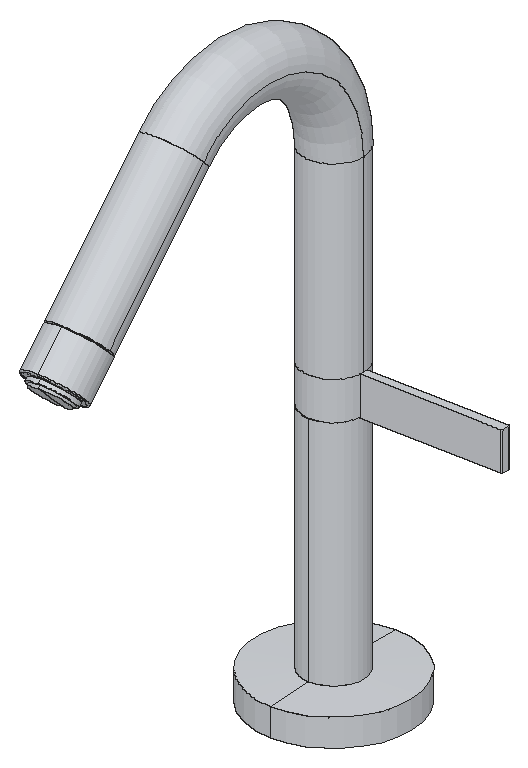
Revit family "Faucet-Lavatory-KOHLER-STILLNESS-979W_1", category Plumbing Fixtures, host Face, Revit 2017
Family settings
  Host = Face
  Round Connector Dimension = Use Diameter
  Part Type = Normal
  OmniClass Number = 23.31.11.00
  OmniClass Title = Faucets
  Cut with Voids When Loaded = No
  Shared = No
  Room Calculation Point = No
Parameters (values of type "CP-Polished Chrome")
  Width = 2.32283"  # constant formula
  WaterSense Certified = 1 = 0  # no
  Waste Water Outlet = "Waste Water Outlet"  # constant formula
  Waste Connection = 1 = 0  # no
  Vent Connection = 1 = 0  # no
  URL = "https://www.kohler.co.uk/"
  Type = 1
  Spout Reach = 5.19685"  # constant formula
  Product Page URL = "https://www.kohler.co.uk/taps/deck-mount/stillness-single-lever-monobloc-basin-mixer-no-waste/"
  Product Name = "979W-4-CP"  # constant formula
  Product Documentation Link = "https://www.kohler.co.uk/taps/deck-mount/stillness-single-lever-monobloc-basin-mixer-no-waste/"
  Pressure = 0.00 psi
  Model = "STILLNESS"  # constant formula
  Material = "Brass Construction"  # constant formula
  Master Format 2014 Name = "Residential Faucets, Supplies, and Trim"  # constant formula
  Master Format 2014 = "22 41 39"  # constant formula
  Manufacturer Address = "Cromwell Road, Cheltenham, Gloucestershire. GL52 5EP Registered in England No. 252115"  # constant formula
  Manufacturer = "KOHLER Co."  # constant formula
  Length = Spout Reach  # 5.19685"
  Hot Water Inlet = "Hot Water Inlet"  # constant formula
  Height = 9.56693"  # constant formula
  Handle Clearance = 2.55906"  # constant formula
  HW Connection = 1 = 1  # yes
  Flow Rate = 0 GPM
  Finish = Kohler-Metal-CP-Polished_Chrome
  Environmental Product Declaration = ""
  Drain Included = 1 = 0  # no
  Description = "Single-lever monobloc basin mixer, no waste"  # constant formula
  Default Elevation = 36"
  Declare Label = ""
  Date Modified = "08/07/2020"  # constant formula
  Date Created = "08/07/2020"  # constant formula
  Copyright = "Copyright KOHLER Co."  # constant formula
  Contact Us = "https://www.kohler.co.uk/support/contact/"
  Cold Water Inlet = "Cold Water Inlet"  # constant formula
  CW Connection = 1 = 1  # yes
  Assembly Code = "D2010"
  ADA Compliant = 1 = 0  # no
Reference planes (in)
  plane 1 "Center (Front/Back)": y = 0
  plane 2: z = 0
  plane 3 "Center (Left/Right)": x = 0
  plane 4: y = 1.16142
  plane 5: y = 0.45276
  plane 6: y = -0.45276
  plane 7: y = -1.16142
  plane 8: y = -5.19685
  plane 9: x = 0.45276
  plane 10: x = -1.16142
  plane 11: x = -0.45276
  plane 12: x = 2.55906
  plane 13: x = 1.16142
  plane 14: z = 6.37795
  plane 15: z = 9.56693
  plane 16: z = 3.93701
  plane 17: z = 4.51181
  plane 18: x = -0.62755
  plane 19: x = 0.62755
  plane 20: z = 0.43354
Dimensions and locks (in)
  "Width": plane 10 to plane 13
  "Handle Clearance": plane 3 "Center (Left/Right)" to plane 12
  "Spout Reach": plane 8 to plane 1 "Center (Front/Back)"
  "Height": plane 15 to level
  plane 14 to level = 6.37795"
  plane 16 to level = 3.93701"
  aligned and locked: plane 2 to host face
  aligned and locked: level to host face
Automatic sketch dimensions
  host sketch curve to host sketch curve = 96"  (x2)
Nested families (in)
  nested 1: "979W" at (0, 0, 0), type "979W"
Connectors (in)
  piping at (-0.62755, 0, 0), diameter 0.375, driven by "HW Connection", driven by "Hot Water Inlet"
    settings: on nested 1, index 1, connector inside diameter 24", connector length 0", flow factor 0, pipe flow 0 GPM, pressure drop 0.00 psi, fitting loss kfactor 0, connector angle 0.00°, fixture units 0, engagement length 0", angle of deflection 0.00°, flow configuration 0, flow direction 1, fitting loss method 0, system type 19, joint type 0, gender type 0, connector reference index -1, connector utility 1, adjustable connector no, is connector primary yes, connector description "Hot Water Inlet"
  piping at (0.62755, 0, 0), diameter 0.375, driven by "CW Connection", driven by "Cold Water Inlet"
    settings: on nested 1, index 2, connector inside diameter 24", connector length 0", flow factor 0, pipe flow 0 GPM, pressure drop 0.00 psi, fitting loss kfactor 0, connector angle 0.00°, fixture units 0, engagement length 0", angle of deflection 0.00°, flow configuration 0, flow direction 1, fitting loss method 0, system type 20, joint type 0, gender type 0, connector reference index -1, connector utility 1, adjustable connector no, is connector primary no, connector description "Cold Water Inlet"
Definition of nested family "979W"
  Parameters (values of type "K-979W")
    Material = none
  Reference planes (in)
    plane 1 "Center (Front/Back)": y = 0
    plane 2: z = 0
    plane 3 "Center (Left/Right)": x = 0
    plane 4: y = 1.16142
    plane 5: y = -1.16142
    plane 6: z = 3.93701
    plane 7: z = 6.37795
    plane 8: y = -5.19685
    plane 9: z = 9.56693
    plane 10: x = 2.55906
    plane 11: x = -1.16142
    plane 12: x = 1.16142
    plane 13: y = 0.45276
    plane 14: y = -0.45276
    plane 15: through (0, -3.0394, 8.5354) normal (0, -0.7071, 0.7071)
    plane 16: through (0, -3.35955, 8.85555) normal (0, -0.7071, 0.7071)
    plane 17: through (0, -2.71926, 8.21525) normal (0, -0.7071, 0.7071)
    plane 18: x = -0.45276
    plane 19: x = 0.45276
    plane 20: z = 9.11534
    plane 21: x = -0.62755
    plane 22: x = 0.62755
  Forms (in)
    Revolve 1, solid, material <- "Material", detail levels medium+fine
      sketch origin (0, 0, 0) x (0, 1, 0) y (0, 0, 1)
        loop
          line (0, 0) -> (1.16142, 0) -> (1.16142, 0.41327)
          arc (1.16142, 0.41327) -> (0.80715, 0.42563) -> (0.45276, 0.43354) r 28.21799
          line (0.45276, 0.43354) -> (0.45276, 3.93701) -> (0.25591, 3.93701) -> (0.25591, 4.51181) -> (0, 4.51181) -> (0, 0)
        axis (0, 4.51181) -> (0, 0)
      angle from 0 to 360
    Extrusion 2, solid, material <- "Material", detail levels medium+fine
      sketch origin (0, 0, 0) x (1, 0, 0) y (0, 1, 0)
        loop
          arc (0.44748, 0.0689) -> (-0.45276, 0) -> (0.44748, -0.0689) r 0.45276
          line (0.44748, -0.0689) -> (2.53937, -0.0689)
          arc (2.53937, -0.0689) -> (2.55329, -0.06313) -> (2.55906, -0.04921) r 0.01969
          line (2.55906, -0.04921) -> (2.55906, 0.04921)
          arc (2.55906, 0.04921) -> (2.55329, 0.06313) -> (2.53937, 0.0689) r 0.01969
          line (2.53937, 0.0689) -> (0.44748, 0.0689)
        loop
          circle (0, 0) r 0.25591
      from 3.93701 to 4.51181
    Revolve 3, solid, material <- "Material", detail levels medium+fine
      sketch origin (0, 0, 0) x (0, 1, 0) y (0, 0, 1)
        loop
          line (-5.48563, 6.70163) -> (-5.42473, 6.64072) -> (-5.46969, 6.59576) -> (-5.44486, 6.57093) -> (-5.46063, 6.52762) -> (-5.25391, 6.3209) -> (-4.66387, 6.91093) -> (-4.95104, 7.19811) -> (-5.01636, 7.13279) -> (-5.04934, 7.16576) -> (-5.48563, 6.72946)
          arc (-5.48563, 6.72946) -> (-5.4914, 6.71555) -> (-5.48563, 6.70163) r 0.01969
        axis (-4.66387, 6.91093) -> (-5.25391, 6.3209)
      angle from 0 to 360
    Sweep 4, solid, material <- "Material", detail levels medium+fine
      path origin (0, 0, 0) x (0, 1, 0) y (0, 0, 1)
        loop
          line (-4.71527, 6.85953) -> (-2.96799, 8.60681)
          arc (-2.96799, 8.60681) -> (-1.07327, 8.98369) -> (0, 7.37742) r 1.73861
          line (0, 7.37742) -> (0, 4.51181)
      profile origin (0, 0, 5.94462) x (1, 0, 0) y (0, 1, 0)
        loop
          circle (0, 0) r 0.45276
    Extrusion 5, solid, detail levels medium+fine
      sketch origin (0, 0, 0) x (1, 0, 0) y (0, 1, 0)
        loop
          circle (-0.62755, 0) r 0.25
        loop
          circle (0.62755, 0) r 0.25
      from 0 to 0.19922
    Revolve 6, solid, material <- "Material", detail levels coarse
      sketch origin (0, 0, 0) x (1, 0, 0) y (0, 0, 1)
        loop
          line (0, 0) -> (0, 0.43354) -> (-1.15776, 0.43354) -> (-1.15776, 0) -> (0, 0)
        axis (0, 0.43354) -> (0, 0)
      angle from 0 to 360
    Sweep 7, solid, material <- "Material", detail levels coarse
      path origin (0, 0, 0) x (0, 1, 0) y (0, 0, 1)
        loop
          line (0, 0.25) -> (0, 7.34993)
          arc (0, 7.34993) -> (-1.0803, 8.96672) -> (-2.98744, 8.58737) r 1.75
          line (-2.98744, 8.58737) -> (-5.25391, 6.3209)
      profile origin (0, 0, 3.79996) x (0, -1, 0) y (1, 0, 0)
        loop
          circle (0, 0) r 0.5
    Extrusion 8, solid, material <- "Material", detail levels coarse
      sketch origin (0, 0, 0) x (1, 0, 0) y (0, 0, 1)
        loop
          line (0.22214, 4.51181) -> (0.22214, 3.93701) -> (2.55906, 3.93701) -> (2.55906, 4.51181) -> (0.22214, 4.51181)
      from -0.0689 to 0.0689
  Cuts and joins
    joined: Revolve 1, Sweep 4
    joined: Revolve 6, Sweep 7
  Lines and regions (in)
    Masking region 1
      outline origin (0, 0, 0) x (1, 0, 0) y (0, 1, 0)
        loop
          arc (0, 1.16142) -> (-1.13821, 0.23099) -> (-0.45276, -1.06953) r 1.16142
          line (-0.45276, -1.06953) -> (-0.45276, -5.19685)
          arc (-0.45276, -5.19685) -> (0, -5.49223) -> (0.45276, -5.19685) r 0.49468
          line (0.45276, -5.19685) -> (0.45276, -1.06953)
          arc (0.45276, -1.06953) -> (0.94871, -0.66995) -> (1.15937, -0.0689) r 1.16142
          line (1.15937, -0.0689) -> (2.53937, -0.0689)
          arc (2.53937, -0.0689) -> (2.55329, -0.06313) -> (2.55906, -0.04921) r 0.01969
          line (2.55906, -0.04921) -> (2.55906, 0.04921)
          arc (2.55906, 0.04921) -> (2.55329, 0.06313) -> (2.53937, 0.0689) r 0.01969
          line (2.53937, 0.0689) -> (1.15937, 0.0689)
          arc (1.15937, 0.0689) -> (0.79651, 0.84525) -> (0, 1.16142) r 1.16142
    Masking region 2
      outline origin (0, 0, 0) x (1, 0, 0) y (0, 0, 1)
        loop
          line (2.53783, 4.51181) -> (0.45276, 4.51181) -> (0.45276, 9.11476)
          arc (0.45276, 9.11476) -> (0, 9.56751) -> (-0.45276, 9.11476) r 0.45276
          line (-0.45276, 9.11476) -> (-0.45276, 0.43038)
          arc (-0.45276, 0.43038) -> (-0.80713, 0.4235) -> (-1.16142, 0.41275) r 32.4573
          line (-1.16142, 0.41275) -> (-1.16142, 0) -> (1.16142, 0) -> (1.16142, 0.41275)
          arc (1.16142, 0.41275) -> (0.80713, 0.4235) -> (0.45276, 0.43038) r 32.4573
          line (0.45276, 0.43038) -> (0.45276, 3.93701) -> (2.53768, 3.93701)
          arc (2.53768, 3.93701) -> (2.5528, 3.94327) -> (2.55906, 3.95838) r 0.02137
          line (2.55906, 3.95838) -> (2.55906, 4.49058)
          arc (2.55906, 4.49058) -> (2.55284, 4.50559) -> (2.53783, 4.51181) r 0.02123
    Masking region 3
      outline origin (0, 0, 0) x (0, 1, 0) y (0, 0, 1)
        loop
          line (-3.28921, 8.92589) -> (-5.03542, 7.17968) -> (-4.98256, 7.12683) -> (-5.01636, 7.13279) -> (-5.04934, 7.16576) -> (-5.48492, 6.73018)
          arc (-5.48492, 6.73018) -> (-5.49098, 6.71555) -> (-5.48492, 6.70091) r 0.0207
          line (-5.48492, 6.70091) -> (-5.42473, 6.64072) -> (-5.46969, 6.59576) -> (-5.44486, 6.57093) -> (-5.46063, 6.52762) -> (-5.04718, 6.11417) -> (-5.00387, 6.12994) -> (-4.97904, 6.10511) -> (-4.93408, 6.15007) -> (-4.87431, 6.09031)
          arc (-4.87431, 6.09031) -> (-4.85926, 6.08407) -> (-4.8442, 6.09031) r 0.02129
          line (-4.8442, 6.09031) -> (-4.40904, 6.52547) -> (-4.44201, 6.55844) -> (-4.44797, 6.59224) -> (-4.39512, 6.53939) -> (-2.64259, 8.29192)
          arc (-2.64259, 8.29192) -> (-1.24464, 8.56999) -> (-0.45276, 7.38486) r 1.28278
          line (-0.45276, 7.38486) -> (-0.45276, 0.43354)
          arc (-0.45276, 0.43354) -> (-0.80715, 0.42563) -> (-1.16142, 0.41327) r 28.23423
          line (-1.16142, 0.41327) -> (-1.16142, 0) -> (1.16142, 0) -> (1.16142, 0.41327)
          arc (1.16142, 0.41327) -> (0.80715, 0.42563) -> (0.45276, 0.43354) r 28.23423
          line (0.45276, 0.43354) -> (0.45276, 7.37592)
          arc (0.45276, 7.37592) -> (-0.9004, 9.40105) -> (-3.28921, 8.92589) r 2.19199
    symbolic lines, detail levels medium+fine
      curve 1: line (-0.4551, -1.06953, 0) -> (-0.4551, 0.02297, 0)
      curve 2: line (0.45276, -1.06953, 0) -> (0.45276, 0.02297, 0)
      curve 3: line (0.45276, -0.0689, 0) -> (1.15937, -0.0689, 0)
      curve 4: arc (-0.4551, 0.02297, 0) -> (-0.00176, 0.4763, 0) -> (0.45158, 0.02297, 0) r 0.45334
      curve 5: line (0.45276, 0, 3.93701) -> (-0.45276, 0, 3.93701)
      curve 6: line (0.45276, 0, 4.51181) -> (-0.45276, 0, 4.51181)
      curve 7: line (0.45276, 0, 4.51181) -> (0.45276, 0, 3.93701)
      curve 8: arc (-0.45276, 0, 0.43038) -> (-0.00002, 0, 0.43354) -> (0.45272, 0, 0.43038) r 32.45438
      curve 9: spline (0, 0, 6.10318) -> (-0.07567, 0, 6.11116) -> (-0.14617, 0, 6.13458) -> (-0.20672, 0, 6.17182) -> (-0.25318, 0, 6.22036) -> (-0.28239, 0, 6.27688) -> (-0.29235, 0, 6.33754) -> (-0.28239, 0, 6.3982) -> (-0.25318, 0, 6.45473) -> (-0.20672, 0, 6.50326) -> (-0.14617, 0, 6.54051) -> (-0.07567, 0, 6.56392) -> (0, 0, 6.57191)
      curve 10: spline (0, 0, 6.57191) -> (0.07971, 0, 6.56392) -> (0.15399, 0, 6.54051) -> (0.21778, 0, 6.50326) -> (0.26672, 0, 6.45473) -> (0.29749, 0, 6.3982) -> (0.30799, 0, 6.33754) -> (0.29749, 0, 6.27688) -> (0.26672, 0, 6.22036) -> (0.21778, 0, 6.17182) -> (0.15399, 0, 6.13458) -> (0.07971, 0, 6.11116) -> (0, 0, 6.10318)
      curve 11: spline (0, 0, 6.59576) -> (0.0898, 0, 6.5874) -> (0.17347, 0, 6.56289) -> (0.24532, 0, 6.52391) -> (0.30046, 0, 6.4731) -> (0.33512, 0, 6.41393) -> (0.34694, 0, 6.35043) -> (0.33512, 0, 6.28694) -> (0.30046, 0, 6.22777) -> (0.24532, 0, 6.17696) -> (0.17347, 0, 6.13798) -> (0.0898, 0, 6.11347) -> (0, 0, 6.10511)
      curve 12: spline (0, 0, 6.59576) -> (-0.0898, 0, 6.5874) -> (-0.17347, 0, 6.56289) -> (-0.24532, 0, 6.52391) -> (-0.30046, 0, 6.4731) -> (-0.33512, 0, 6.41393) -> (-0.34694, 0, 6.35043) -> (-0.33512, 0, 6.28694) -> (-0.30046, 0, 6.22777) -> (-0.24532, 0, 6.17696) -> (-0.17347, 0, 6.13798) -> (-0.0898, 0, 6.11347) -> (0, 0, 6.10511)
      curve 13: spline (0.45276, 0, 6.85953) -> (0.43733, 0, 6.94239) -> (0.3921, 0, 7.01961) -> (0.32015, 0, 7.08591) -> (0.22638, 0, 7.13679) -> (0.11718, 0, 7.16877) -> (0, 0, 7.17968) -> (-0.11718, 0, 7.16877) -> (-0.22638, 0, 7.13679) -> (-0.32015, 0, 7.08591) -> (-0.3921, 0, 7.01961) -> (-0.43733, 0, 6.94239) -> (-0.45276, 0, 6.85953)
      curve 14: spline (0.45134, 0, 6.37795) -> (0.43275, 0, 6.45876) -> (0.38591, 0, 6.53359) -> (0.31389, 0, 6.59755) -> (0.22137, 0, 6.64647) -> (0.1144, 0, 6.67717) -> (-0.00003, 0, 6.68762) -> (-0.11447, 0, 6.67717) -> (-0.22143, 0, 6.64647) -> (-0.31395, 0, 6.59755) -> (-0.38598, 0, 6.53359) -> (-0.43282, 0, 6.45876) -> (-0.45141, 0, 6.37795)
      curve 15: spline (0.45134, 0, 6.37795) -> (0.43275, 0, 6.29715) -> (0.38591, 0, 6.22232) -> (0.31389, 0, 6.15836) -> (0.22137, 0, 6.10943) -> (0.1144, 0, 6.07874) -> (-0.00003, 0, 6.06828) -> (-0.11447, 0, 6.07874) -> (-0.22143, 0, 6.10943) -> (-0.31395, 0, 6.15836) -> (-0.38598, 0, 6.22232) -> (-0.43282, 0, 6.29715) -> (-0.45141, 0, 6.37795)
      curve 16: line (0, 0.45276, 0.43354) -> (0, -0.45276, 0.43354)
      curve 17: line (0, -5.44486, 6.57093) -> (0, -5.00387, 6.12994)
      curve 18: line (0, -4.93408, 6.15007) -> (0, -5.42473, 6.64072)
      curve 19: line (0, -4.44797, 6.59224) -> (0, -4.98256, 7.12683)
      curve 20: line (0, -5.01636, 7.13279) -> (0, -4.44201, 6.55844)
      curve 21: line (0, 0.45276, 3.93701) -> (0, -0.45276, 3.93701)
      curve 22: line (0, 0.45276, 4.51181) -> (0, -0.45276, 4.51181)
      curve 23: line (1.15937, 0.0689, 0) -> (0.44925, 0.0689, 0)
      curve 24: line (0, 0.0689, 4.51181) -> (0, 0.0689, 3.93701)
      curve 25: line (0, -0.0689, 4.51181) -> (0, -0.0689, 3.93701)
  Dimensions and locks (in)
    plane 1 "Center (Front/Back)" to plane 8 = 5.19685"
    plane 7 to level = 6.37795"
    plane 4 to plane 5 = 2.32283"
    plane 6 to level = 3.93701"
    plane 9 to level = 9.56693"
    plane 10 to plane 3 "Center (Left/Right)" = 2.55906"
    aligned and locked: plane 2 to level
  Automatic sketch dimensions
    Revolve 1 sketch curve to level = 0"
    Revolve 1 sketch curve to plane 1 "Center (Front/Back)" = 0"  (x2)
    Revolve 1 sketch curve to plane 6 = 0"
    Revolve 1 sketch curve to plane 4 = 0"
    Revolve 1 sketch curve to plane 9 = 0"
    Revolve 1 sketch curve to plane 1 "Center (Front/Back)" = 0.00046"
    Revolve 1 sketch curve to plane 1 "Center (Front/Back)" = 0.45276"
    Revolve 1 sketch curve to level = 27.78083"
    Revolve 1 sketch curve to Revolve 1 sketch curve = 0.41327"
    plane 6 to Revolve 1 sketch curve = 0.5748"
    plane 9 to Revolve 1 sketch curve = 1.04724"
    Extrusion 2 sketch curve to Extrusion 2 sketch curve = 0"  (x2)
    plane 1 "Center (Front/Back)" to Extrusion 2 sketch curve = 0"
    Extrusion 2 sketch curve to plane 3 "Center (Left/Right)" = 0"
    Extrusion 2 sketch curve to plane 10 = 0"
    Extrusion 2 sketch curve to plane 1 "Center (Front/Back)" = 0.0689"
    plane 3 "Center (Left/Right)" to Extrusion 2 sketch curve = 0.44748"
    plane 1 "Center (Front/Back)" to Extrusion 2 sketch curve = 0.0689"
    Extrusion 2 sketch curve to plane 10 = 0.01969"  (x2)
    Sweep 4 sketch curve to plane 3 "Center (Left/Right)" = 0"
    profile plane to Sweep 4 sketch curve = 0"
    Revolve 1 sketch curve to plane 13 = 0.19685"
    Revolve 3 sketch curve to plane 16 = 0"  (x2)
    Revolve 3 sketch curve to plane 15 = 0"  (x3)
    plane 8 to Revolve 3 sketch curve = 0.28878"
    Revolve 3 sketch curve to Revolve 3 sketch curve = 0"
    Revolve 3 sketch curve to Revolve 3 sketch curve = 0.01392"
    Revolve 3 sketch curve to Revolve 3 sketch curve = 0.01594"
    Revolve 3 sketch curve to Revolve 3 sketch curve = 0.00906"
    Revolve 3 sketch curve to Revolve 3 sketch curve = 0.02483"
    Revolve 3 sketch curve to Revolve 3 sketch curve = 0.04496"
    Revolve 3 sketch curve to plane 7 = 0.05706"
    Revolve 3 sketch curve to plane 8 = 0.14752"
    Revolve 3 sketch curve to Revolve 3 sketch curve = 0.03297"
    Revolve 3 sketch curve to Revolve 3 sketch curve = 0.06532"
    Revolve 3 sketch curve to Revolve 3 sketch curve = 0.04331"
    plane 7 to Revolve 3 sketch curve = 1.05019"
    Revolve 3 sketch curve to plane 9 = 1.58831"
    plane 8 to Masking region 1 sketch curve = 0"
    Masking region 1 sketch curve to plane 3 "Center (Left/Right)" = 0"  (x2)
    Masking region 1 sketch curve to plane 10 = 0"
    plane 1 "Center (Front/Back)" to Masking region 1 sketch curve = 0"
    plane 1 "Center (Front/Back)" to Masking region 1 sketch curve = 0.0689"
    Masking region 1 sketch curve to plane 1 "Center (Front/Back)" = 0.0689"
    Masking region 1 sketch curve to Masking region 1 sketch curve = 0.01969"
    Masking region 1 sketch curve to plane 10 = 0.01969"
    Masking region 1 sketch curve to plane 8 = 0.1993"
    Masking region 1 sketch curve to Masking region 1 sketch curve = 0"  (x4)
    plane 12 to Masking region 1 sketch curve = 0.00205"
    plane 4 to Masking region 1 sketch curve = 0"
    plane 5 to Masking region 1 sketch curve = 0.09188"
    Masking region 2 sketch curve to Masking region 2 sketch curve = 0"  (x2)
    Masking region 2 sketch curve to plane 11 = 0"
    plane 18 to Masking region 2 sketch curve = 0"
    plane 3 "Center (Left/Right)" to Masking region 2 sketch curve = 0"
    Masking region 2 sketch curve to plane 3 "Center (Left/Right)" = 0"
    Masking region 2 sketch curve to plane 19 = 0"
    plane 12 to Masking region 2 sketch curve = 0"
    Masking region 2 sketch curve to plane 6 = 0"
    Masking region 2 sketch curve to plane 10 = 0"
    Masking region 2 sketch curve to level = 0"
    plane 6 to Masking region 2 sketch curve = 0.02137"
    Masking region 2 sketch curve to Masking region 2 sketch curve = 0.02123"
    Masking region 2 sketch curve to level = 32.02376"
    level to Masking region 2 sketch curve = 0.41275"  (x2)
    Masking region 2 sketch curve to Masking region 2 sketch curve = 0.53221"
    Masking region 2 sketch curve to plane 9 = 0.45217"
    curve 5 to plane 6 = 0"
    curve 14 to plane 7 = 0"  (x2)
    curve 12 to plane 3 "Center (Left/Right)" = 0"
    curve 9 to plane 3 "Center (Left/Right)" = 0"
    curve 13 to plane 3 "Center (Left/Right)" = 0"
    curve 8 to plane 3 "Center (Left/Right)" = 0.00002"
    plane 3 "Center (Left/Right)" to curve 7 = 0.45276"
    curve 8 to level = 32.02084"
    plane 6 to curve 6 = 0.5748"
    curve 15 to plane 3 "Center (Left/Right)" = 0.00003"
    curve 12 to plane 7 = 0.02752"
    curve 12 to curve 11 = 0.34694"
    curve 15 to curve 12 = 0.10447"
    curve 13 to curve 13 = 0.45276"
    curve 6 to plane 3 "Center (Left/Right)" = 0.45276"
    curve 8 to plane 3 "Center (Left/Right)" = 0.45276"
    curve 5 to plane 3 "Center (Left/Right)" = 0.45276"
    curve 9 to plane 7 = 0.04041"
    curve 9 to curve 15 = 0.159"
    curve 9 to curve 10 = 1/64"
    curve 10 to curve 11 = 0.03896"
    plane 7 to curve 15 = 0.01082"
    curve 14 to curve 15 = 0.00026"
    curve 14 to plane 7 = 0.01082"
    curve 15 to curve 14 = 0.00026"
    plane 3 "Center (Left/Right)" to curve 8 = 0.45272"
    level to curve 8 = 0.43038"
    curve 9 to curve 9 = 15/64"
    curve 9 to curve 11 = 0.00193"
    curve 15 to curve 13 = 0.47077"
    Masking region 3 sketch curve to Masking region 3 sketch curve = 0"  (x2)
    Masking region 3 sketch curve to plane 16 = 0"  (x4)
    Masking region 3 sketch curve to plane 17 = 0"  (x4)
    Masking region 3 sketch curve to level = 0"
    Masking region 3 sketch curve to plane 5 = 0"
    Masking region 3 sketch curve to plane 14 = 0"
    Masking region 3 sketch curve to plane 1 "Center (Front/Back)" = 0"
    Masking region 3 sketch curve to plane 13 = 0"
    Masking region 3 sketch curve to plane 4 = 0"
    Masking region 3 sketch curve to plane 5 = 0.57412"
    Masking region 3 sketch curve to Masking region 3 sketch curve = 0.0037"
    Masking region 3 sketch curve to plane 9 = 1.27501"
    Masking region 3 sketch curve to plane 9 = 0.64104"
    plane 7 to Masking region 3 sketch curve = 0.16143"
    plane 7 to Masking region 3 sketch curve = 0.14752"
    plane 7 to Masking region 3 sketch curve = 0.18049"
    plane 7 to Masking region 3 sketch curve = 0.21429"
    Masking region 3 sketch curve to plane 7 = 0.28765"  (x2)
    Masking region 3 sketch curve to Masking region 3 sketch curve = 0.01506"  (x2)
    Masking region 3 sketch curve to plane 7 = 0.22788"
    Masking region 3 sketch curve to Masking region 3 sketch curve = 0.05977"
    Masking region 3 sketch curve to Masking region 3 sketch curve = 0.04496"  (x2)
    Masking region 3 sketch curve to plane 8 = 0.21429"
    Masking region 3 sketch curve to Masking region 3 sketch curve = 0.0338"
    Masking region 3 sketch curve to Masking region 3 sketch curve = 0.01905"
    Masking region 3 sketch curve to Masking region 3 sketch curve = 0.06814"  (x2)
    Masking region 3 sketch curve to Masking region 3 sketch curve = 0.01392"
    plane 8 to Masking region 3 sketch curve = 0.22788"
    Masking region 3 sketch curve to Masking region 3 sketch curve = 0.0359"
    plane 7 to Masking region 3 sketch curve = 0.21781"
    Masking region 3 sketch curve to Masking region 3 sketch curve = 0.04555"
    Masking region 3 sketch curve to Masking region 3 sketch curve = 0.01464"  (x2)
    Masking region 3 sketch curve to level = 27.79706"
    Masking region 3 sketch curve to Masking region 3 sketch curve = 0.41327"
    level to Masking region 3 sketch curve = 0.41327"
    Masking region 3 sketch curve to Masking region 3 sketch curve = 0.00906"
    Masking region 3 sketch curve to Masking region 3 sketch curve = 0.02483"
    plane 7 to Masking region 3 sketch curve = 0.19298"
    Masking region 3 sketch curve to Masking region 3 sketch curve = 0.39768"
    curve 1 to plane 1 "Center (Front/Back)" = 0.02297"
    curve 4 to plane 3 "Center (Left/Right)" = 0.00176"
    curve 23 to curve 4 = 0.00233"
    plane 5 to curve 2 = 0.09188"
    plane 3 "Center (Left/Right)" to curve 2 = 0.45276"
    plane 12 to curve 3 = 0.00205"
    plane 12 to curve 23 = 0.00205"
    plane 1 "Center (Front/Back)" to curve 3 = 0.0689"
    plane 5 to curve 1 = 0.09188"
    curve 4 to curve 2 = 0"
    curve 4 to curve 23 = 0.04593"
    plane 1 "Center (Front/Back)" to Extrusion 5 sketch curve = 0"  (x2)
    plane 11 to Extrusion 5 sketch curve = 0.53387"
    plane 12 to Extrusion 5 sketch curve = 0.53387"
    Revolve 6 sketch curve to level = 0"
    Revolve 6 sketch curve to plane 3 "Center (Left/Right)" = 0"  (x2)
    plane 11 to Revolve 6 sketch curve = 0.00366"
    Revolve 6 sketch curve to Revolve 6 sketch curve = 0.43354"
    Revolve 6 sketch curve to level = 0.36777"
    Revolve 6 sketch curve to Revolve 6 sketch curve = 0.34786"
    Sweep 7 sketch curve to plane 15 = 0"  (x2)
    Sweep 7 sketch curve to plane 1 "Center (Front/Back)" = 0"
    Sweep 7 sketch curve to plane 5 = 0.58858"
    Sweep 7 sketch curve to plane 9 = 0.97956"
    Sweep 7 sketch curve to plane 7 = 0.05706"
    level to Sweep 7 sketch curve = 1/4"
    Sweep 7 sketch curve to plane 3 "Center (Left/Right)" = 0"
    Sweep 7 sketch curve to profile plane = 0"
    Extrusion 8 sketch curve to plane 6 = 0"
    Extrusion 8 sketch curve to plane 10 = 0"
    plane 3 "Center (Left/Right)" to Extrusion 8 sketch curve = 0.22214"
    plane 6 to Extrusion 8 sketch curve = 0.5748"
    Sweep 4 sketch curve to plane 15 = 0"  (x2)
    Sweep 4 sketch curve to plane 1 "Center (Front/Back)" = 0"
    Sweep 4 sketch curve to plane 5 = 0.57719"
    Sweep 4 sketch curve to plane 20 = 0.50853"
    plane 7 to Sweep 4 sketch curve = 0.48158"
    plane 6 to Sweep 4 sketch curve = 0.5748"
    curve 21 to plane 6 = 0"
    curve 16 to plane 14 = 0"
    curve 16 to plane 13 = 0"
    plane 14 to curve 21 = 0"
    plane 14 to curve 22 = 0"
    plane 7 to curve 20 = 0.18049"
    curve 20 to plane 8 = 0.75484"
    plane 7 to curve 19 = 0.21429"
    curve 19 to curve 20 = 0.00596"  (x2)
    curve 18 to plane 8 = 0.26277"
    curve 19 to plane 8 = 0.21429"
    curve 17 to curve 18 = 0.06979"  (x2)
    curve 20 to curve 19 = 0.0338"
    plane 8 to curve 18 = 0.22788"
    curve 17 to curve 18 = 0.02014"  (x2)
    plane 1 "Center (Front/Back)" to curve 25 = 0.0689"
    curve 24 to plane 1 "Center (Front/Back)" = 0.0689"
    plane 13 to curve 21 = 0"
    plane 13 to curve 22 = 0"
    level to curve 16 = 0.43354"
    curve 25 to curve 25 = 0.5748"
    curve 17 to plane 7 = 0.24801"
    plane 7 to curve 17 = 0.19298"
    curve 18 to curve 19 = 0.48611"
    radius of Extrusion 2 sketch curve = 0.25591"
    radius of Sweep 4 sketch curve = 0.45276"
    radius of Extrusion 5 sketch curve = 1/4"  (x2)
    radius of Sweep 7 sketch curve = 1/2"
